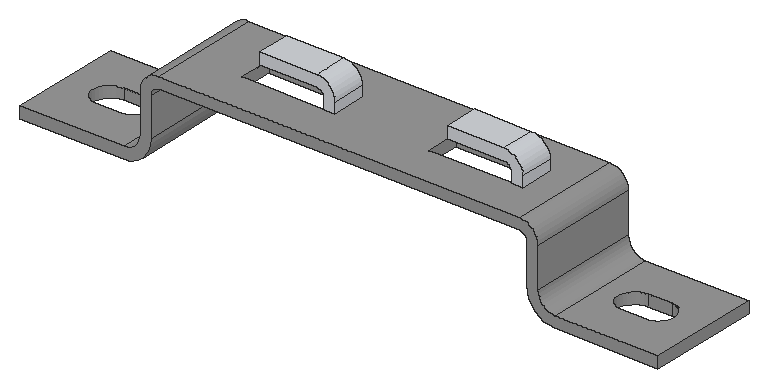
Revit family "Distanzbügel_FT_FS_100", category Generic Models, Revit 2017
Family settings
  Can host rebar = No
  Round Connector Dimension = Use Diameter
  Part Type = Normal
  Work Plane-Based = No
  Always vertical = Yes
  Cut with Voids When Loaded = No
  Shared = No
  Room Calculation Point = No
Parameters (values of type "DBLG 20 100 FT")
  Width 1 = Width / 2  # 50 mm
  Width = 100 mm
  URL = "http://www.obo-bettermann.com"
  Material = Hot-dip galvanised
  Manufacturer Art.No. = "6015656"
  Manufacturer = "OBO BETTERMANN"
  Length = 30 mm
  GTIN = "4012196042968"
  Cut's space = 50 mm
  Cut's number = 2
  Article Type = "DBLG 20 100 FT"
Types (3, lengths in mm): name | Material | Manufacturer Art.No. | GTIN | Article Type
  (no name) | Hot-dip galvanised | "6015656" | "4012196042968" | "DBLG 20 100 FT"
  DBLG 20 100 FS | Strip-galvanised | "6015654" | "4012196961580" | "DBLG 20 100 FS"
  DBLG 20 100 FT | Hot-dip galvanised | "6015656" | "4012196042968" | "DBLG 20 100 FT"
Reference planes
  plane 1 "Center (Front/Back)": y = 0
  plane 2: z = 0
  plane 3 "Center (Left/Right)": x = 0
Forms (mm)
  Extrusion 1, solid, material "Hot-dip galvanised" <- "Material"
    sketch origin (0, 0, 0) x (1, 0, 0) y (0, 0, 1)
      loop
        line (-48, 20) -> (48, 20)
        arc (48, 20) -> (49.414, 19.414) -> (50, 18) r 2
        line (50, 18) -> (50, 7.5)
        arc (50, 7.5) -> (52.197, 2.197) -> (57.5, 0) r 7.5
        line (57.5, 0) -> (85, 0) -> (85, 3) -> (57.5, 3)
        arc (57.5, 3) -> (54.318, 4.318) -> (53, 7.5) r 4.5
        line (53, 7.5) -> (53, 18)
        arc (53, 18) -> (51.536, 21.536) -> (48, 23) r 5
        line (48, 23) -> (-48, 23)
        arc (-48, 23) -> (-51.536, 21.536) -> (-53, 18) r 5
        line (-53, 18) -> (-53, 7.5)
        arc (-53, 7.5) -> (-54.318, 4.318) -> (-57.5, 3) r 4.5
        line (-57.5, 3) -> (-85, 3) -> (-85, 0) -> (-57.5, 0)
        arc (-57.5, 0) -> (-52.197, 2.197) -> (-50, 7.5) r 7.5
        line (-50, 7.5) -> (-50, 18)
        arc (-50, 18) -> (-49.414, 19.414) -> (-48, 20) r 2
    from -30 to 0
  Extrusion 2, void
    sketch origin (0, 0, 0) x (1, 0, 0) y (0, 1, 0)
      loop
        arc (-73, 19.5) -> (-77.5, 15) -> (-73, 10.5) r 4.5
        line (-73, 10.5) -> (-67, 10.5)
        arc (-67, 10.5) -> (-62.5, 15) -> (-67, 19.5) r 4.5
        line (-67, 19.5) -> (-73, 19.5)
    from 0 to 3
  Extrusion 3, void
    sketch origin (0, 0, 0) x (1, 0, 0) y (0, 1, 0)
      loop
        arc (66.866, 19.232) -> (62.5, 14.866) -> (66.866, 10.5) r 4.366
        line (66.866, 10.5) -> (73.134, 10.5)
        arc (73.134, 10.5) -> (77.5, 14.866) -> (73.134, 19.232) r 4.366
        line (73.134, 19.232) -> (66.866, 19.232)
    from 0 to 3
  Extrusion 4, void
    sketch origin (0, 0, 0) x (1, 0, 0) y (0, 1, 0)
      loop
        line (-34.5, 19.5) -> (-34.5, 10.5) -> (-12.5, 10.5) -> (-12.5, 19.5) -> (-34.5, 19.5)
    from 20 to 23
  Extrusion 5, solid
    sketch origin (0, 0, 0) x (1, 0, 0) y (0, 0, 1)
      loop
        arc (-14.5, 27.667) -> (-13.086, 27.081) -> (-12.5, 25.667) r 2
        line (-12.5, 25.667) -> (-12.5, 23) -> (-9.5, 23) -> (-9.5, 25.667)
        arc (-9.5, 25.667) -> (-10.964, 29.203) -> (-14.5, 30.667) r 5
        line (-14.5, 30.667) -> (-29.513, 30.667) -> (-29.513, 27.667) -> (-14.5, 27.667)
    from -19.5 to -10.5
  Extrusion 6, void
    sketch origin (50, 0, 0) x (1, 0, 0) y (0, 1, 0)
      loop
        line (-34.5, 19.5) -> (-34.5, 10.5) -> (-12.5, 10.5) -> (-12.5, 19.5) -> (-34.5, 19.5)
    from 20 to 23
  Extrusion 7, solid
    sketch origin (50, 0, 0) x (1, 0, 0) y (0, 0, 1)
      loop
        arc (-14.5, 27.667) -> (-13.086, 27.081) -> (-12.5, 25.667) r 2
        line (-12.5, 25.667) -> (-12.5, 23) -> (-9.5, 23) -> (-9.5, 25.667)
        arc (-9.5, 25.667) -> (-10.964, 29.203) -> (-14.5, 30.667) r 5
        line (-14.5, 30.667) -> (-29.513, 30.667) -> (-29.513, 27.667) -> (-14.5, 27.667)
    from -19.5 to -10.5
Cuts and joins
  Extrusion 2, Extrusion 3, Extrusion 4, Extrusion 6 cuts Extrusion 1
Dimensions and locks
  locked: Extrusion 1 sketch curve to level at 20
  locked: Extrusion 1 sketch curve to Extrusion 1 sketch curve at 3  (x5)
  Extrusion 1 sketch curve to Extrusion 1 sketch curve = 32 mm
  "Length": Extrusion 1 to Extrusion 1
  "Width": Extrusion 1 sketch curve to Extrusion 1 sketch curve
  "Width 1": plane 3 "Center (Left/Right)" to Extrusion 1 sketch curve
  locked: Extrusion 1 sketch curve to Extrusion 1 sketch curve at 27.5  (x2)
  locked: Extrusion 1 to Extrusion 1 at 35  (x2)
  locked: Extrusion 1 to Extrusion 2 sketch curve at 10.5
  locked: Extrusion 2 sketch curve to Extrusion 2 sketch curve at 9
  locked: Extrusion 1 to Extrusion 2 sketch curve at 7.5
  Extrusion 1 to Extrusion 2 sketch curve = 22.5 mm
  locked: cut or joined group of Extrusion 1, Extrusion 2, Extrusion 3, Extrusion 4, Extrusion 6 to Extrusion 3 sketch curve at 10.5
  locked: Extrusion 3 sketch curve to Extrusion 3 sketch curve at 8.732
  locked: Extrusion 3 sketch curve to cut or joined group of Extrusion 1, Extrusion 2, Extrusion 3, Extrusion 4, Extrusion 6 at 7.5
  locked: Extrusion 3 sketch curve to cut or joined group of Extrusion 1, Extrusion 2, Extrusion 3, Extrusion 4, Extrusion 6 at 22.5
  locked: Extrusion 4 sketch curve to Extrusion 4 sketch curve at 22
  locked: Extrusion 4 sketch curve to Extrusion 4 sketch curve at 9
  locked: Extrusion 5 sketch curve to Extrusion 5 sketch curve at 3  (x2)
  locked: Extrusion 5 sketch curve to Extrusion 5 sketch curve at 20.013
  Extrusion 5 sketch curve to cut or joined group of Extrusion 1, Extrusion 2, Extrusion 3, Extrusion 4, Extrusion 6 = 4.667 mm
  locked: Extrusion 6 sketch curve to Extrusion 6 sketch curve at 22
  locked: Extrusion 6 sketch curve to Extrusion 6 sketch curve at 9
  group 1 to group 2 = 50 mm
  group 1 to group 2 = 0 mm  (x2)
  locked: cut or joined group of Extrusion 1, Extrusion 2, Extrusion 3, Extrusion 4, Extrusion 6 to cut or joined group of Extrusion 1, Extrusion 2, Extrusion 3, Extrusion 4, Extrusion 6 at 10.5
  locked: cut or joined group of Extrusion 1, Extrusion 2, Extrusion 3, Extrusion 4, Extrusion 6 to cut or joined group of Extrusion 1, Extrusion 2, Extrusion 3, Extrusion 4, Extrusion 6 at 9
  locked: cut or joined group of Extrusion 1, Extrusion 2, Extrusion 3, Extrusion 4, Extrusion 6 to cut or joined group of Extrusion 1, Extrusion 2, Extrusion 3, Extrusion 4, Extrusion 6 at 47.5
  locked: cut or joined group of Extrusion 1, Extrusion 2, Extrusion 3, Extrusion 4, Extrusion 6 to cut or joined group of Extrusion 1, Extrusion 2, Extrusion 3, Extrusion 4, Extrusion 6 at 69.5
  locked: Extrusion 7 sketch curve to Extrusion 7 sketch curve at 3  (x2)
  locked: Extrusion 7 sketch curve to Extrusion 7 sketch curve at 20.013
  locked: Extrusion 7 to cut or joined group of Extrusion 1, Extrusion 2, Extrusion 3, Extrusion 4, Extrusion 6 at 7.667
  locked: Extrusion 7 to Extrusion 7 at 20.013
  aligned and locked: level to plane 2
  aligned and locked: Extrusion 1 sketch curve to level  (x2)
  aligned and locked: plane 1 "Center (Front/Back)" to Extrusion 1
  aligned and locked: Extrusion 2 to level
  aligned and locked: Extrusion 1 to Extrusion 2
  aligned and locked: Extrusion 3 to level
  aligned and locked: Extrusion 1 to Extrusion 3
  aligned and locked: Extrusion 1 to Extrusion 4  (x2)
  aligned and locked: Extrusion 5 to cut or joined group of Extrusion 1, Extrusion 2, Extrusion 3, Extrusion 4, Extrusion 6  (x4)
  aligned and locked: cut or joined group of Extrusion 1, Extrusion 2, Extrusion 3, Extrusion 4, Extrusion 6 to Extrusion 5
  aligned and locked: cut or joined group of Extrusion 1, Extrusion 2, Extrusion 3, Extrusion 4, Extrusion 6 to cut or joined group of Extrusion 1, Extrusion 2, Extrusion 3, Extrusion 4, Extrusion 6
  aligned and locked: Extrusion 5 to Extrusion 7
  aligned and locked: Extrusion 7 to Extrusion 5
Automatic sketch dimensions
  Extrusion 1 sketch curve to Extrusion 1 sketch curve = 0 mm  (x4)
  Extrusion 1 sketch curve to Extrusion 1 sketch curve = 4.5 mm  (x2)
  Extrusion 1 sketch curve to Extrusion 1 sketch curve = 2 mm  (x2)
  Extrusion 2 sketch curve to Extrusion 2 sketch curve = 6 mm
  Extrusion 5 sketch curve to Extrusion 5 sketch curve = 0 mm  (x3)
  Extrusion 5 sketch curve to Extrusion 5 sketch curve = 2 mm
  Extrusion 7 sketch curve to Extrusion 7 sketch curve = 0 mm  (x3)
  Extrusion 7 sketch curve to Extrusion 7 sketch curve = 2 mm
  Extrusion 5 sketch curve to plane 3 "Center (Left/Right)" = 29.513 mm
  level to Extrusion 5 sketch curve = 23 mm
  Extrusion 5 sketch curve to Extrusion 5 sketch curve = 2.667 mm
  Extrusion 7 sketch curve to Extrusion 7 sketch curve = 2.667 mm
